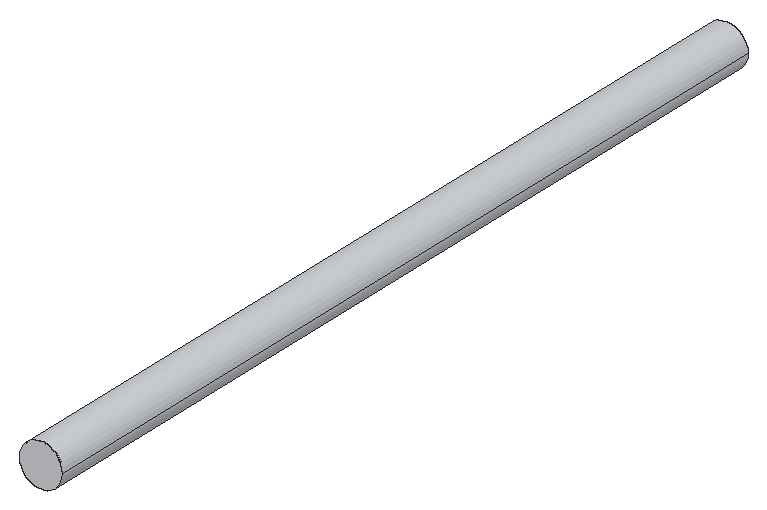
Revit family "随脊檩", category 常规模型, Revit 2022
Family settings
  可将钢筋附着到主体 = 否
  圆形连接件大小 = 使用直径
  零件类型 = 标准
  基于工作平面 = 否
  总是垂直 = 是
  加载时剪切的空心 = 否
  保持注释方向 = 否
  共享 = 否
  房间计算点 = 否
Parameters
  默认高程 = 0 mm
  随脊檩长 [instance] = 3600 mm
  随脊檩直径 [instance] = 180 mm
Reference planes
  plane 1 "中心(前/后)": y = 0
  plane 2: z = 0
  plane 3 "中心(左/右)": x = 0
Forms (mm)
  Extrusion 1, solid
    sketch origin (0, 0, 0) x (1, 0, 0) y (0, 0, 1)
      loop
        circle (2313.964, 1630.223) r 90
    from 0 to 3600
Dimensions and locks
  "随脊檩长": Extrusion 1 to Extrusion 1
  "随脊檩直径": diameter of Extrusion 1 sketch curve
  aligned and locked: level to plane 2
Automatic sketch dimensions
  plane 3 "中心(左/右)" to Extrusion 1 sketch curve = 2313.964 mm
  level to Extrusion 1 sketch curve = 1630.223 mm
